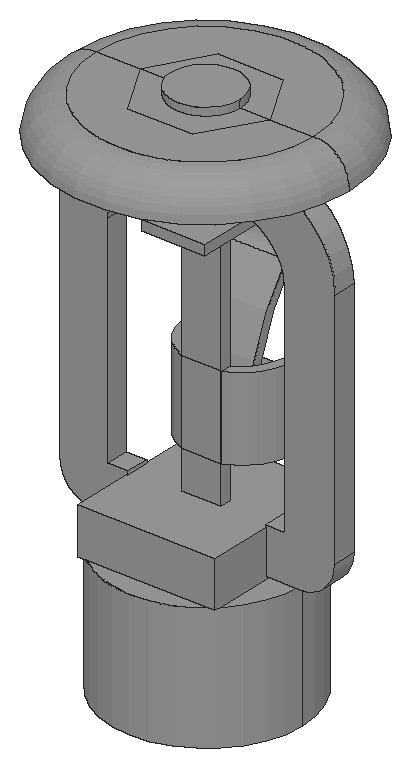
Revit family
Parameters (values of type "RASCO G UPRIGHT")
  Temperature Rating = 212 °F
  Response = (empty or 0)
  RASCO SIN # = "R1027"
  RASCO Part # = "GU2LB"
  Pressure Rating = "175 PSI"
  Pressure Class = (empty or 0)
  Orifice Size = 17/32"
  Orifice = (empty or 0)
  Model = "G"
  Manufacturer = "RASCO"
  K-Factor = 8.2
  Description = "Bronze Finish"
  Coverage = (empty or 0)
Reference planes (in)
  plane 1 "Center (Front/Back)": y = 0
  plane 2: z = 0
  plane 3 "Center (Left/Right)": x = 0
Dimensions and locks (in)
  aligned and locked: plane 2 to level
Nested families (in)
  nested 1: "GU2LB" at (0, 0, 0), type "RASCO G UPRIGHT"
Connectors (in)
  piping at (0, 0, 0)
    settings: on nested 1, index 1, connector radius 1/2", flow factor 0, pipe flow 0 GPM, pressure drop 0.00 psi, fitting loss kfactor 0, connector angle 0.00°, fixture units 0, flow configuration 0, flow direction 0, fitting loss method 0, system type 7, connector reference index -1, connector utility 0, adjustable connector no, is connector primary yes, fitting loss table "", connector description ""
Definition of nested family "GU2LB"
  Parameters (values of type "RASCO G UPRIGHT")
    Type Comments = ""
    Temperature Rating = 0 °F
    Response = (empty or 0)
    Pressure Rating = "0"
    Pressure Class = (empty or 0)
    Orifice Size = 0"
    Orifice = (empty or 0)
    Model = ""
    Manufacturer = ""
    K-Factor = 0
    Description = ""
    Coverage = (empty or 0)
    Assembly Code = ""
  Reference planes (in)
    plane 1 "Center (Front/Back)": y = 0
    plane 2: z = 0
    plane 3 "ref.2": z = 0.6875
    plane 4 "ref.3": z = 0.9375
    plane 5: x = -0.38065
    plane 6: x = 0.36935
    plane 7 "ref. side 1": y = 0.06402
    plane 8 "ref. side 2": y = -0.06098
    plane 9 "ref.4": z = 1.875
    plane 10 "ref.5": z = 2.937
    plane 11 "center": x = -0.00574
  Forms (in)
    Extrusion 1, solid, material "Default"
      sketch origin (0, 0, 0) x (1, 0, 0) y (0, 1, 0)
        loop
          circle (0, 0) r 0.5245
      from 0 to 0.6875
    Extrusion 2, solid, material "Default"
      sketch origin (-0.12185, 0.05177, 0.6875) x (1, 0, 0) y (0, 1, 0)
        loop
          line (-0.2588, 0.356) -> (-0.2588, -0.4565) -> (0.4912, -0.4565) -> (0.4912, 0.356) -> (-0.2588, 0.356)
      from 0 to 0.25
    Extrusion 3, solid, material "Default"
      sketch origin (-0.00034, 0, 0.01527) x (1, 0, 0) y (0, 0, 1)
        loop
          line (-0.49248, 0.9375) -> (-0.49248, 2.1327)
          arc (-0.49248, 2.1327) -> (-0.40724, 2.33849) -> (-0.20145, 2.42373) r 0.29103
          line (-0.20145, 2.42373) -> (0.18108, 2.42373)
          arc (0.18108, 2.42373) -> (0.38905, 2.33759) -> (0.47519, 2.12963) r 0.29411
          line (0.47519, 2.12963) -> (0.47519, 0.9375) -> (0.36935, 0.9375) -> (0.36935, 0.6875) -> (0.55741, 0.6875)
          arc (0.55741, 0.6875) -> (0.69165, 0.7431) -> (0.74725, 0.87734) r 0.18984
          line (0.74725, 0.87734) -> (0.74725, 2.19113)
          arc (0.74725, 2.19113) -> (0.61669, 2.50631) -> (0.3015, 2.63687) r 0.44574
          line (0.3015, 2.63687) -> (-0.30719, 2.63687)
          arc (-0.30719, 2.63687) -> (-0.62225, 2.50637) -> (-0.75275, 2.19131) r 0.44556
          line (-0.75275, 2.19131) -> (-0.75275, 0.87876)
          arc (-0.75275, 0.87876) -> (-0.69673, 0.74352) -> (-0.56149, 0.6875) r 0.19126
          line (-0.56149, 0.6875) -> (-0.38065, 0.6875) -> (-0.38065, 0.9375) -> (-0.49248, 0.9375)
      from -0.06402 to 0.06098
    Extrusion 4, solid, material "Default"
      sketch origin (-0.00199, 0, 2.4995) x (-1, 0, 0) y (0, -1, 0)
        loop
          circle (0.00574, -0.00152) r 0.1875
      from -0.10571 to 0.4375
    Revolve 5, solid, material "Default"
      sketch origin (-0.00271, 0, 0.37011) x (1, 0, 0) y (0, 0, 1)
        loop
          line (-0.19255, 2.33367) -> (-0.19255, 2.52696) -> (-0.35809, 2.52696) -> (-0.59714, 2.52696)
          arc (-0.59714, 2.52696) -> (-0.73508, 2.47056) -> (-0.79397, 2.33367) r 0.19686
          line (-0.79397, 2.33367) -> (-0.19255, 2.33367)
        axis (-0.00574, 2.33367) -> (-0.00574, 2.52696)
      angle from 0 to 360
    Extrusion 6, solid, material "Default"
      sketch origin (0, 0, 0.9375) x (-1, 0, 0) y (0, -1, 0)
        loop
          line (-0.10175, -0.02852) -> (0.11324, -0.02852) -> (0.11324, 0.03101) -> (-0.10175, 0.03101) -> (-0.10175, -0.02852)
      from 0 to 1.45629
    Extrusion 7, solid, material "Default"
      sketch origin (-0.00574, -0.0095, -0.07537) x (0, 0, -1) y (0, -1, 0)
        loop
          line (-2.39379, 0.21198) -> (-2.39379, -0.229)
          arc (-2.39379, -0.229) -> (-2.26956, -0.41579) -> (-2.04926, -0.37342) r 0.20254
          arc (-2.04926, -0.37342) -> (-1.6599, -0.16721) -> (-1.22163, -0.12207) r 1.15319
          line (-1.22163, -0.12207) -> (-1.22163, -0.07087)
          arc (-1.22163, -0.07087) -> (-1.6782, -0.11947) -> (-2.0834, -0.33544) r 1.20419
          arc (-2.0834, -0.33544) -> (-2.24878, -0.36919) -> (-2.34279, -0.229) r 0.15154
          line (-2.34279, -0.229) -> (-2.34279, 0.21198) -> (-2.39379, 0.21198)
      from -0.17255 to 0.17398
    Extrusion 8, solid, material "Default"
      sketch origin (0, 0, 0) x (1, 0, 0) y (0, 1, 0)
        loop
          arc (0.23993, 0.23051) -> (0.19768, 0.11115) -> (0.10175, 0.02852) r 0.24647
          line (0.10175, 0.02852) -> (-0.11324, 0.02852)
          arc (-0.11324, 0.02852) -> (-0.21767, 0.12447) -> (-0.25194, 0.2621) r 0.24647
          line (-0.25194, 0.2621) -> (-0.25194, 0.40777) -> (-0.30719, 0.40777) -> (-0.30719, 0.25942)
          arc (-0.30719, 0.25942) -> (-0.25653, 0.08328) -> (-0.11324, -0.03101) r 0.30157
          line (-0.11324, -0.03101) -> (0.10175, -0.03101)
          arc (0.10175, -0.03101) -> (0.24461, 0.08262) -> (0.29574, 0.25785) r 0.30157
          line (0.29574, 0.25785) -> (0.29574, 0.40777) -> (0.23993, 0.40777) -> (0.23993, 0.23051)
      from 1.14626 to 1.59756
    Extrusion 9, solid, material "Default"
      sketch origin (-0.00574, -0.0095, -0.07537) x (0, 0, -1) y (0, -1, 0)
        loop
          circle (-1.44728, -0.26892) r 0.13147
      from -0.24568 to 0.24619
  Cuts and joins
    joined: Extrusion 1, Extrusion 2, Revolve 5
  Dimensions and locks (in)
    Revolve 5 sketch curve to Revolve 5 sketch curve = 0.78823"
    plane 10 "ref.5" to level = 2.937"
